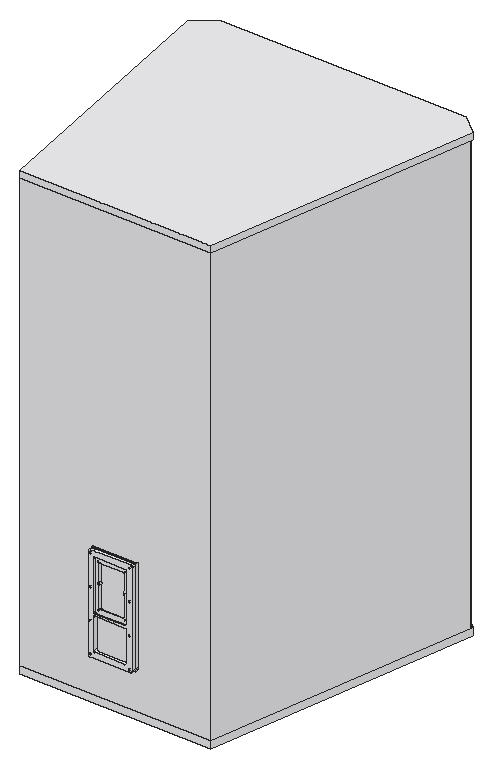
Revit family "EVC-1152-64", category Communication Devices, Revit 2017 (continued)
Definition of nested family "InputPanel_small"
  Lines and regions (mm)
    model lines, not visible
      curve 484: line (54.504, -9.5, 76.743) -> (56.298, -9.5, 74.554)
      curve 485: line (56.298, -9.5, 74.554) -> (55.807, -9.5, 74.222)
      curve 486: line (54.503, -9.5, 83.049) -> (56.297, -9.5, 80.86)
      curve 487: line (56.297, -9.5, 80.86) -> (55.806, -9.5, 80.528)
      curve 488: line (54.531, -9.5, 76.998) -> (56.131, -9.5, 75.046)
      curve 489: line (56.131, -9.5, 75.046) -> (56.7, -9.5, 75.046)
      curve 490: line (56.7, -9.5, 75.046) -> (54.662, -9.5, 77.533)
      curve 491: line (54.531, -9.5, 83.304) -> (56.13, -9.5, 81.352)
      curve 492: line (56.13, -9.5, 81.352) -> (56.699, -9.5, 81.352)
      curve 493: line (56.699, -9.5, 81.352) -> (54.661, -9.5, 83.839)
      curve 494: line (54.505, -9.5, 70.437) -> (56.298, -9.5, 68.248)
      curve 495: line (56.298, -9.5, 68.248) -> (55.807, -9.5, 67.915)
      curve 496: line (54.506, -9.5, 64.13) -> (56.299, -9.5, 61.942)
      curve 497: line (56.299, -9.5, 61.942) -> (55.808, -9.5, 61.609)
      curve 498: line (54.533, -9.5, 64.385) -> (56.132, -9.5, 62.433)
      curve 499: line (56.132, -9.5, 62.433) -> (56.702, -9.5, 62.433)
      curve 500: line (56.702, -9.5, 62.433) -> (54.664, -9.5, 64.92)
      curve 501: line (54.532, -9.5, 70.691) -> (56.131, -9.5, 68.739)
      curve 502: line (56.131, -9.5, 68.739) -> (56.701, -9.5, 68.739)
      curve 503: line (56.701, -9.5, 68.739) -> (54.663, -9.5, 71.227)
      curve 504: line (51.568, -9.5, 63.815) -> (51.568, -9.5, 60.772)
      curve 505: line (51.568, -9.5, 60.772) -> (46.145, -9.5, 60.771)
      curve 506: line (46.145, -9.5, 60.771) -> (46.141, -9.5, 85.996)
      curve 507: line (46.141, -9.5, 85.996) -> (51.565, -9.5, 85.997)
      curve 508: line (51.565, -9.5, 85.997) -> (52.989, -9.5, 85.997)
      curve 509: line (52.989, -9.5, 85.997) -> (49.876, -9.5, 86.125)
      curve 510: line (49.876, -9.5, 86.125) -> (49.754, -9.5, 86.302)
      curve 511: line (52.992, -9.5, 60.772) -> (51.568, -9.5, 60.772)
      curve 512: line (45.361, -9.5, 79.392) -> (45.362, -9.5, 73.88)
      curve 513: line (45.362, -9.5, 73.88) -> (41.147, -9.5, 73.88)
      curve 514: line (41.147, -9.5, 73.88) -> (41.146, -9.5, 79.392)
      curve 515: line (41.146, -9.5, 79.392) -> (45.361, -9.5, 79.392)
      curve 516: line (41.146, -9.5, 79.988) -> (41.145, -9.5, 85.499)
      curve 517: line (41.145, -9.5, 85.499) -> (45.36, -9.5, 85.5)
      curve 518: line (45.36, -9.5, 85.5) -> (45.361, -9.5, 79.988)
      curve 519: line (45.361, -9.5, 79.988) -> (41.146, -9.5, 79.988)
      curve 520: line (45.819, -9.5, 60.771) -> (45.816, -9.5, 85.996)
      curve 521: line (45.816, -9.5, 85.996) -> (40.689, -9.5, 85.996)
      curve 522: line (40.689, -9.5, 85.996) -> (40.692, -9.5, 60.771)
      curve 523: line (40.692, -9.5, 60.771) -> (45.819, -9.5, 60.771)
      curve 524: line (45.819, -9.5, 60.771) -> (46.145, -9.5, 60.771)
      curve 525: line (45.363, -9.5, 66.78) -> (45.363, -9.5, 61.268)
      curve 526: line (45.363, -9.5, 61.268) -> (41.148, -9.5, 61.267)
      curve 527: line (41.148, -9.5, 61.267) -> (41.147, -9.5, 66.779)
      curve 528: line (41.147, -9.5, 66.779) -> (45.363, -9.5, 66.78)
      curve 529: line (41.147, -9.5, 67.375) -> (41.147, -9.5, 72.887)
      curve 530: line (41.147, -9.5, 72.887) -> (45.362, -9.5, 72.887)
      curve 531: line (45.362, -9.5, 72.887) -> (45.363, -9.5, 67.375)
      curve 532: line (45.363, -9.5, 67.375) -> (41.147, -9.5, 67.375)
      curve 533: line (45.816, -9.5, 85.996) -> (46.141, -9.5, 85.996)
      curve 534: line (46.141, -9.5, 85.996) -> (42.88, -9.5, 86.124)
      curve 535: line (42.88, -9.5, 86.124) -> (42.758, -9.5, 86.301)
      curve 536: line (42.758, -9.5, 86.301) -> (45.891, -9.5, 86.301)
      curve 537: line (45.891, -9.5, 86.301) -> (46.013, -9.5, 86.124)
      curve 538: line (45.361, -9.5, 78.225) -> (43.953, -9.5, 78.225)
      curve 539: line (43.953, -9.5, 78.225) -> (43.627, -9.5, 78.913)
      curve 540: line (43.627, -9.5, 78.913) -> (43.242, -9.5, 79.392)
      curve 541: line (45.363, -9.5, 65.613) -> (43.954, -9.5, 65.612)
      curve 542: line (43.954, -9.5, 65.612) -> (43.629, -9.5, 66.3)
      curve 543: line (43.629, -9.5, 66.3) -> (43.244, -9.5, 66.779)
      curve 544: line (45.362, -9.5, 68.542) -> (43.954, -9.5, 68.542)
      curve 545: line (43.954, -9.5, 68.542) -> (43.629, -9.5, 67.854)
      curve 546: line (43.629, -9.5, 67.854) -> (43.244, -9.5, 67.375)
      curve 547: line (45.361, -9.5, 81.155) -> (43.952, -9.5, 81.155)
      curve 548: line (43.952, -9.5, 81.155) -> (43.627, -9.5, 80.467)
      curve 549: line (43.627, -9.5, 80.467) -> (43.242, -9.5, 79.988)
      curve 550: line (45.362, -9.5, 71.919) -> (43.954, -9.5, 71.919)
      curve 551: line (43.954, -9.5, 71.919) -> (43.628, -9.5, 72.607)
      curve 552: line (43.628, -9.5, 72.607) -> (43.403, -9.5, 72.887)
      curve 553: line (45.361, -9.5, 84.532) -> (43.952, -9.5, 84.531)
      curve 554: line (43.952, -9.5, 84.531) -> (43.627, -9.5, 85.219)
      curve 555: line (43.627, -9.5, 85.219) -> (43.401, -9.5, 85.5)
      curve 556: line (45.362, -9.5, 74.849) -> (43.953, -9.5, 74.848)
      curve 557: line (43.953, -9.5, 74.848) -> (43.628, -9.5, 74.16)
      curve 558: line (43.403, -9.5, 73.88) -> (43.628, -9.5, 74.16)
      curve 559: line (43.628, -9.5, 74.16) -> (43.627, -9.5, 78.913)
      curve 560: line (45.363, -9.5, 62.236) -> (43.955, -9.5, 62.236)
      curve 561: line (43.955, -9.5, 62.236) -> (43.629, -9.5, 61.548)
      curve 562: line (43.629, -9.5, 61.548) -> (43.629, -9.5, 66.3)
      curve 563: line (43.404, -9.5, 61.267) -> (43.629, -9.5, 61.548)
      curve 564: line (43.954, -9.5, 68.542) -> (43.954, -9.5, 71.919)
      curve 565: line (43.952, -9.5, 81.155) -> (43.952, -9.5, 84.531)
      curve 566: line (43.954, -9.5, 65.612) -> (43.955, -9.5, 62.236)
      curve 567: line (43.953, -9.5, 78.225) -> (43.953, -9.5, 74.848)
      curve 568: line (45.891, -9.5, 86.301) -> (45.891, -9.5, 86.563)
      curve 569: line (45.891, -9.5, 86.563) -> (42.758, -9.5, 86.562)
      curve 570: line (42.758, -9.5, 86.562) -> (42.758, -9.5, 86.301)
      curve 571: line (45.891, -9.5, 86.563) -> (46.472, -9.5, 86.563)
      curve 572: line (46.472, -9.5, 86.563) -> (46.472, -9.5, 86.301)
      curve 573: line (46.472, -9.5, 86.301) -> (46.35, -9.5, 86.124)
      curve 574: line (42.244, -9.5, 79.988) -> (42.243, -9.5, 85.499)
      curve 575: line (42.246, -9.5, 67.375) -> (42.245, -9.5, 72.887)
      curve 576: line (42.246, -9.5, 61.267) -> (42.246, -9.5, 66.779)
      curve 577: line (42.245, -9.5, 73.88) -> (42.244, -9.5, 79.392)
      curve 578: line (43.629, -9.5, 67.854) -> (43.628, -9.5, 72.607)
      curve 579: line (43.627, -9.5, 80.467) -> (43.627, -9.5, 85.219)
      curve 580: line (52.887, -9.5, 86.302) -> (53.009, -9.5, 86.125)
      curve 581: line (52.887, -9.5, 86.563) -> (52.887, -9.5, 86.302)
      curve 582: line (52.887, -9.5, 86.302) -> (49.754, -9.5, 86.302)
      curve 583: line (49.754, -9.5, 86.302) -> (49.754, -9.5, 86.563)
      curve 584: line (49.754, -9.5, 86.563) -> (52.887, -9.5, 86.563)
      curve 585: line (52.887, -9.5, 86.563) -> (53.468, -9.5, 86.563)
      curve 586: line (53.468, -9.5, 86.563) -> (53.468, -9.5, 86.302)
      curve 587: line (53.468, -9.5, 86.302) -> (53.346, -9.5, 86.125)
      curve 588: line (78.97, -9.5, 60.972) -> (78.967, -9.5, 85.803)
      curve 589: line (78.912, -9.5, 85.748) -> (78.915, -9.5, 61.027)
      curve 590: line (77.958, -9.5, 86.812) -> (40.515, -9.5, 86.808)
      curve 591: line (40.57, -9.5, 86.753) -> (77.903, -9.5, 86.757)
      curve 592: line (39.506, -9.5, 85.799) -> (39.509, -9.5, 60.968)
      curve 593: line (39.509, -9.5, 60.97) -> (39.561, -9.5, 85.744)
      curve 594: line (40.518, -9.5, 59.959) -> (77.962, -9.5, 59.963)
      curve 595: line (77.907, -9.5, 60.018) -> (40.573, -9.5, 60.014)
      curve 596: line (61.368, -9.5, 70.233) -> (59.749, -9.5, 70.232)
      curve 597: line (59.749, -9.5, 70.232) -> (59.415, -9.5, 70.232)
      curve 598: line (61.369, -9.5, 63.926) -> (59.75, -9.5, 63.926)
      curve 599: line (59.75, -9.5, 63.926) -> (59.417, -9.5, 63.926)
      curve 600: line (61.367, -9.5, 76.539) -> (59.748, -9.5, 76.539)
      curve 601: line (59.748, -9.5, 76.539) -> (59.415, -9.5, 76.539)
      curve 602: line (61.367, -9.5, 82.845) -> (59.747, -9.5, 82.845)
      curve 603: line (59.747, -9.5, 82.845) -> (59.414, -9.5, 82.845)
      curve 604: line (57.109, -9.5, 76.538) -> (58.728, -9.5, 76.539)
      curve 605: line (58.728, -9.5, 76.539) -> (59.062, -9.5, 76.539)
      curve 606: line (57.108, -9.5, 82.845) -> (58.727, -9.5, 82.845)
      curve 607: line (58.727, -9.5, 82.845) -> (59.06, -9.5, 82.845)
      curve 608: line (57.109, -9.5, 70.232) -> (58.729, -9.5, 70.232)
      curve 609: line (58.729, -9.5, 70.232) -> (59.062, -9.5, 70.232)
      curve 610: line (57.11, -9.5, 63.926) -> (58.729, -9.5, 63.926)
      curve 611: line (58.729, -9.5, 63.926) -> (59.063, -9.5, 63.926)
    model lines
      curve 612: arc (-30.696, -4.337, 30.291) -> (-31.037, -4.337, 28.695) -> (-32.139, -4.337, 27.491) r 3.109
      curve 613: arc (-30.695, -4.337, 42.904) -> (-31.035, -4.337, 41.308) -> (-32.138, -4.337, 40.104) r 3.109
      curve 614: arc (-30.698, -4.337, 23.985) -> (-31.033, -4.337, 22.399) -> (-32.121, -4.337, 21.198) r 3.108
      curve 615: arc (-30.696, -4.337, 36.598) -> (-31.031, -4.337, 35.012) -> (-32.119, -4.337, 33.811) r 3.108
      curve 616: arc (-31.992, -4.337, 33.004) -> (-31.001, -4.337, 31.812) -> (-30.695, -4.337, 30.291) r 3.166
      curve 617: arc (-31.991, -4.337, 45.616) -> (-30.999, -4.337, 44.424) -> (-30.693, -4.337, 42.904) r 3.166
      curve 618: arc (-31.993, -4.337, 26.696) -> (-31.002, -4.337, 25.504) -> (-30.696, -4.337, 23.985) r 3.165
      curve 619: arc (-31.991, -4.337, 39.309) -> (-31.001, -4.337, 38.117) -> (-30.695, -4.337, 36.598) r 3.165
      curve 620: arc (-30.343, -4.337, 36.598) -> (-30.002, -4.337, 38.194) -> (-28.9, -4.337, 39.398) r 3.109
      curve 621: arc (-30.344, -4.337, 23.985) -> (-30.004, -4.337, 25.581) -> (-28.901, -4.337, 26.785) r 3.109
      curve 622: arc (-30.341, -4.337, 42.904) -> (-30.006, -4.337, 44.49) -> (-28.918, -4.337, 45.691) r 3.108
      curve 623: arc (-30.343, -4.337, 30.291) -> (-30.007, -4.337, 31.877) -> (-28.92, -4.337, 33.078) r 3.108
      curve 624: arc (-29.046, -4.337, 33.885) -> (-30.038, -4.337, 35.077) -> (-30.344, -4.337, 36.598) r 3.166
      curve 625: arc (-29.048, -4.337, 21.273) -> (-30.039, -4.337, 22.465) -> (-30.346, -4.337, 23.985) r 3.166
      curve 626: arc (-29.046, -4.337, 40.193) -> (-30.037, -4.337, 41.385) -> (-30.343, -4.337, 42.904) r 3.165
      curve 627: arc (-29.048, -4.337, 27.58) -> (-30.038, -4.337, 28.772) -> (-30.344, -4.337, 30.291) r 3.165
      curve 628: arc (-33.959, -4.337, 27.746) -> (-35.033, -4.337, 28.816) -> (-35.384, -4.337, 30.292) r 2.775
      curve 629: arc (-34.651, -4.337, 27.426) -> (-35.725, -4.337, 28.679) -> (-36.075, -4.337, 30.292) r 3.371
      curve 630: arc (-33.959, -4.337, 27.746) -> (-34.28, -4.337, 27.533) -> (-34.651, -4.337, 27.426) r 1.273
      curve 631: arc (-33.957, -4.337, 40.358) -> (-35.031, -4.337, 41.429) -> (-35.382, -4.337, 42.905) r 2.775
      curve 632: arc (-34.649, -4.337, 40.039) -> (-35.723, -4.337, 41.292) -> (-36.074, -4.337, 42.905) r 3.371
      curve 633: arc (-33.957, -4.337, 40.358) -> (-34.279, -4.337, 40.146) -> (-34.649, -4.337, 40.039) r 1.273
      curve 634: arc (-33.96, -4.337, 21.44) -> (-35.033, -4.337, 22.511) -> (-35.384, -4.337, 23.986) r 2.774
      curve 635: arc (-34.651, -4.337, 21.121) -> (-35.725, -4.337, 22.374) -> (-36.075, -4.337, 23.986) r 3.37
      curve 636: arc (-33.96, -4.337, 21.44) -> (-34.281, -4.337, 21.228) -> (-34.651, -4.337, 21.121) r 1.273
      curve 637: arc (-33.958, -4.337, 34.053) -> (-35.032, -4.337, 35.123) -> (-35.382, -4.337, 36.598) r 2.774
      curve 638: arc (-34.65, -4.337, 33.734) -> (-35.723, -4.337, 34.986) -> (-36.074, -4.337, 36.598) r 3.37
      curve 639: arc (-33.958, -4.337, 34.053) -> (-34.28, -4.337, 33.84) -> (-34.65, -4.337, 33.734) r 1.273
      curve 640: arc (-35.384, -4.337, 30.292) -> (-35.033, -4.337, 31.767) -> (-33.958, -4.337, 32.838) r 2.775
      curve 641: arc (-34.65, -4.337, 33.157) -> (-34.28, -4.337, 33.051) -> (-33.958, -4.337, 32.838) r 1.273
      curve 642: arc (-36.075, -4.337, 30.292) -> (-35.724, -4.337, 31.905) -> (-34.65, -4.337, 33.157) r 3.371
      curve 643: arc (-35.382, -4.337, 42.905) -> (-35.031, -4.337, 44.38) -> (-33.957, -4.337, 45.451) r 2.775
      curve 644: arc (-34.648, -4.337, 45.77) -> (-34.278, -4.337, 45.663) -> (-33.957, -4.337, 45.451) r 1.273
      curve 645: arc (-36.074, -4.337, 42.905) -> (-35.723, -4.337, 44.517) -> (-34.648, -4.337, 45.77) r 3.371
      curve 646: arc (-35.384, -4.337, 23.986) -> (-35.033, -4.337, 25.461) -> (-33.959, -4.337, 26.531) r 2.774
      curve 647: arc (-34.651, -4.337, 26.85) -> (-34.28, -4.337, 26.743) -> (-33.959, -4.337, 26.531) r 1.273
      curve 648: arc (-36.075, -4.337, 23.986) -> (-35.725, -4.337, 25.598) -> (-34.651, -4.337, 26.85) r 3.37
      curve 649: arc (-35.382, -4.337, 36.598) -> (-35.031, -4.337, 38.073) -> (-33.958, -4.337, 39.143) r 2.774
      curve 650: arc (-34.649, -4.337, 39.463) -> (-34.279, -4.337, 39.356) -> (-33.958, -4.337, 39.143) r 1.273
      curve 651: arc (-36.074, -4.337, 36.598) -> (-35.723, -4.337, 38.21) -> (-34.649, -4.337, 39.463) r 3.37
      curve 652: arc (-30.908, -4.337, 23.985) -> (-31.259, -4.337, 22.51) -> (-32.333, -4.337, 21.44) r 2.774
      curve 653: arc (-32.332, -4.337, 26.53) -> (-31.258, -4.337, 25.46) -> (-30.908, -4.337, 23.985) r 2.774
      curve 654: arc (-30.906, -4.337, 30.291) -> (-31.258, -4.337, 28.816) -> (-32.332, -4.337, 27.745) r 2.775
      curve 655: arc (-32.331, -4.337, 32.838) -> (-31.257, -4.337, 31.767) -> (-30.906, -4.337, 30.291) r 2.775
      curve 656: arc (-30.906, -4.337, 36.598) -> (-31.257, -4.337, 35.123) -> (-32.331, -4.337, 34.053) r 2.774
      curve 657: arc (-32.33, -4.337, 39.143) -> (-31.257, -4.337, 38.073) -> (-30.906, -4.337, 36.598) r 2.774
      curve 658: arc (-30.905, -4.337, 42.904) -> (-31.256, -4.337, 41.429) -> (-32.33, -4.337, 40.358) r 2.775
      curve 659: arc (-32.33, -4.337, 45.45) -> (-31.256, -4.337, 44.38) -> (-30.905, -4.337, 42.904) r 2.775
      curve 660: arc (-36.768, -4.337, 27.427) -> (-37.818, -4.337, 28.63) -> (-38.191, -4.337, 30.182) r 3.348
      curve 661: arc (-36.766, -4.337, 40.039) -> (-37.816, -4.337, 41.242) -> (-38.19, -4.337, 42.794) r 3.348
      curve 662: arc (-38.191, -4.337, 30.403) -> (-37.817, -4.337, 31.955) -> (-36.767, -4.337, 33.158) r 3.348
      curve 663: arc (-38.19, -4.337, 43.015) -> (-37.816, -4.337, 44.568) -> (-36.766, -4.337, 45.77) r 3.348
      curve 664: arc (-36.769, -4.337, 21.121) -> (-37.825, -4.337, 22.337) -> (-38.192, -4.337, 23.905) r 3.353
      curve 665: arc (-36.767, -4.337, 33.734) -> (-37.823, -4.337, 34.95) -> (-38.191, -4.337, 36.517) r 3.353
      curve 666: arc (-38.192, -4.337, 24.067) -> (-37.824, -4.337, 25.635) -> (-36.768, -4.337, 26.85) r 3.353
      curve 667: arc (-38.191, -4.337, 36.68) -> (-37.823, -4.337, 38.248) -> (-36.767, -4.337, 39.463) r 3.353
      curve 668: arc (-32.649, -4.337, 30.292) -> (-32.982, -4.337, 28.919) -> (-34.009, -4.337, 27.951) r 2.482
      curve 669: arc (-32.65, -4.337, 23.985) -> (-32.983, -4.337, 22.613) -> (-34.01, -4.337, 21.644) r 2.482
      curve 670: arc (-33.058, -4.337, 25.478) -> (-32.751, -4.337, 24.76) -> (-32.65, -4.337, 23.985) r 2.857
      curve 671: arc (-33.734, -4.337, 25.636) -> (-33.68, -4.337, 25.558) -> (-33.628, -4.337, 25.478) r 2.446
      curve 672: arc (-33.058, -4.337, 31.784) -> (-32.75, -4.337, 31.066) -> (-32.649, -4.337, 30.292) r 2.857
      curve 673: arc (-33.733, -4.337, 31.942) -> (-33.679, -4.337, 31.864) -> (-33.627, -4.337, 31.784) r 2.446
      curve 674: arc (-32.649, -4.337, 36.598) -> (-32.981, -4.337, 35.226) -> (-34.008, -4.337, 34.257) r 2.482
      curve 675: arc (-32.648, -4.337, 42.904) -> (-32.98, -4.337, 41.532) -> (-34.008, -4.337, 40.563) r 2.482
      curve 676: arc (-33.057, -4.337, 38.091) -> (-32.75, -4.337, 37.372) -> (-32.649, -4.337, 36.598) r 2.857
      curve 677: arc (-33.733, -4.337, 38.249) -> (-33.678, -4.337, 38.171) -> (-33.626, -4.337, 38.091) r 2.446
      curve 678: arc (-33.056, -4.337, 44.397) -> (-32.749, -4.337, 43.679) -> (-32.648, -4.337, 42.904) r 2.857
      curve 679: arc (-33.732, -4.337, 44.555) -> (-33.677, -4.337, 44.477) -> (-33.626, -4.337, 44.397) r 2.446
      curve 680: arc (-27.08, -4.337, 39.143) -> (-26.006, -4.337, 38.073) -> (-25.655, -4.337, 36.597) r 2.775
      curve 681: arc (-26.388, -4.337, 39.463) -> (-25.314, -4.337, 38.21) -> (-24.964, -4.337, 36.597) r 3.371
      curve 682: arc (-27.08, -4.337, 39.143) -> (-26.759, -4.337, 39.356) -> (-26.388, -4.337, 39.463) r 1.273
      curve 683: arc (-27.082, -4.337, 26.531) -> (-26.007, -4.337, 25.46) -> (-25.657, -4.337, 23.984) r 2.775
      curve 684: arc (-26.39, -4.337, 26.85) -> (-25.316, -4.337, 25.597) -> (-24.965, -4.337, 23.984) r 3.371
      curve 685: arc (-27.082, -4.337, 26.531) -> (-26.76, -4.337, 26.743) -> (-26.39, -4.337, 26.85) r 1.273
      curve 686: arc (-27.079, -4.337, 45.449) -> (-26.006, -4.337, 44.378) -> (-25.655, -4.337, 42.903) r 2.774
      curve 687: arc (-26.388, -4.337, 45.768) -> (-25.314, -4.337, 44.515) -> (-24.963, -4.337, 42.903) r 3.37
      curve 688: arc (-27.079, -4.337, 45.449) -> (-26.758, -4.337, 45.661) -> (-26.388, -4.337, 45.768) r 1.273
      curve 689: arc (-27.081, -4.337, 32.836) -> (-26.007, -4.337, 31.766) -> (-25.657, -4.337, 30.291) r 2.774
      curve 690: arc (-26.389, -4.337, 33.155) -> (-25.315, -4.337, 31.903) -> (-24.965, -4.337, 30.291) r 3.37
      curve 691: arc (-27.081, -4.337, 32.836) -> (-26.759, -4.337, 33.049) -> (-26.389, -4.337, 33.155) r 1.273
      curve 692: arc (-25.655, -4.337, 36.597) -> (-26.006, -4.337, 35.122) -> (-27.081, -4.337, 34.051) r 2.775
      curve 693: arc (-26.389, -4.337, 33.732) -> (-26.759, -4.337, 33.838) -> (-27.081, -4.337, 34.051) r 1.273
      curve 694: arc (-24.964, -4.337, 36.597) -> (-25.315, -4.337, 34.984) -> (-26.389, -4.337, 33.732) r 3.371
      curve 695: arc (-25.657, -4.337, 23.984) -> (-26.008, -4.337, 22.509) -> (-27.082, -4.337, 21.438) r 2.775
      curve 696: arc (-26.391, -4.337, 21.119) -> (-26.761, -4.337, 21.226) -> (-27.082, -4.337, 21.438) r 1.273
      curve 697: arc (-24.965, -4.337, 23.984) -> (-25.316, -4.337, 22.372) -> (-26.391, -4.337, 21.119) r 3.371
      curve 698: arc (-25.655, -4.337, 42.903) -> (-26.006, -4.337, 41.429) -> (-27.08, -4.337, 40.358) r 2.774
      curve 699: arc (-26.388, -4.337, 40.039) -> (-26.759, -4.337, 40.146) -> (-27.08, -4.337, 40.358) r 1.273
      curve 700: arc (-24.963, -4.337, 42.903) -> (-25.314, -4.337, 41.291) -> (-26.388, -4.337, 40.039) r 3.37
      curve 701: arc (-25.657, -4.337, 30.291) -> (-26.008, -4.337, 28.816) -> (-27.081, -4.337, 27.746) r 2.774
      curve 702: arc (-26.39, -4.337, 27.426) -> (-26.76, -4.337, 27.533) -> (-27.081, -4.337, 27.746) r 1.273
      curve 703: arc (-24.965, -4.337, 30.291) -> (-25.316, -4.337, 28.679) -> (-26.39, -4.337, 27.426) r 3.37
      curve 704: arc (-30.131, -4.337, 42.904) -> (-29.78, -4.337, 44.379) -> (-28.706, -4.337, 45.449) r 2.774
      curve 705: arc (-28.707, -4.337, 40.359) -> (-29.78, -4.337, 41.429) -> (-30.131, -4.337, 42.904) r 2.774
      curve 706: arc (-30.133, -4.337, 36.598) -> (-29.781, -4.337, 38.073) -> (-28.707, -4.337, 39.144) r 2.775
      curve 707: arc (-28.708, -4.337, 34.051) -> (-29.782, -4.337, 35.122) -> (-30.133, -4.337, 36.598) r 2.775
      curve 708: arc (-30.133, -4.337, 30.291) -> (-29.782, -4.337, 31.766) -> (-28.708, -4.337, 32.836) r 2.774
      curve 709: arc (-28.708, -4.337, 27.746) -> (-29.782, -4.337, 28.816) -> (-30.133, -4.337, 30.291) r 2.774
      curve 710: arc (-30.134, -4.337, 23.985) -> (-29.783, -4.337, 25.46) -> (-28.709, -4.337, 26.531) r 2.775
      curve 711: arc (-28.709, -4.337, 21.439) -> (-29.783, -4.337, 22.509) -> (-30.134, -4.337, 23.985) r 2.775
      curve 712: arc (-24.271, -4.337, 39.462) -> (-23.221, -4.337, 38.26) -> (-22.848, -4.337, 36.707) r 3.348
      curve 713: arc (-24.272, -4.337, 26.85) -> (-23.223, -4.337, 25.647) -> (-22.849, -4.337, 24.095) r 3.348
      curve 714: arc (-22.848, -4.337, 36.486) -> (-23.222, -4.337, 34.934) -> (-24.272, -4.337, 33.731) r 3.348
      curve 715: arc (-22.849, -4.337, 23.874) -> (-23.223, -4.337, 22.321) -> (-24.273, -4.337, 21.119) r 3.348
      curve 716: arc (-24.27, -4.337, 45.768) -> (-23.214, -4.337, 44.552) -> (-22.847, -4.337, 42.984) r 3.353
      curve 717: arc (-24.272, -4.337, 33.155) -> (-23.216, -4.337, 31.939) -> (-22.848, -4.337, 30.372) r 3.353
      curve 718: arc (-22.847, -4.337, 42.822) -> (-23.215, -4.337, 41.254) -> (-24.271, -4.337, 40.039) r 3.353
      curve 719: arc (-22.848, -4.337, 30.209) -> (-23.216, -4.337, 28.641) -> (-24.272, -4.337, 27.426) r 3.353
      curve 720: arc (-28.389, -4.337, 42.904) -> (-28.056, -4.337, 44.276) -> (-27.029, -4.337, 45.245) r 2.482
      curve 721: arc (-28.39, -4.337, 36.597) -> (-28.057, -4.337, 37.97) -> (-27.03, -4.337, 38.938) r 2.482
      curve 722: arc (-27.981, -4.337, 35.105) -> (-28.288, -4.337, 35.823) -> (-28.39, -4.337, 36.597) r 2.857
      curve 723: arc (-27.306, -4.337, 34.947) -> (-27.36, -4.337, 35.025) -> (-27.412, -4.337, 35.105) r 2.446
      curve 724: arc (-27.981, -4.337, 41.411) -> (-28.288, -4.337, 42.129) -> (-28.389, -4.337, 42.904) r 2.857
      curve 725: arc (-27.305, -4.337, 41.253) -> (-27.359, -4.337, 41.331) -> (-27.411, -4.337, 41.411) r 2.446
      curve 726: arc (-28.39, -4.337, 30.291) -> (-28.058, -4.337, 31.663) -> (-27.031, -4.337, 32.632) r 2.482
      curve 727: arc (-28.391, -4.337, 23.985) -> (-28.058, -4.337, 25.357) -> (-27.031, -4.337, 26.326) r 2.482
      curve 728: arc (-27.983, -4.337, 22.492) -> (-28.29, -4.337, 23.21) -> (-28.391, -4.337, 23.985) r 2.857
      curve 729: arc (-27.307, -4.337, 22.334) -> (-27.362, -4.337, 22.412) -> (-27.413, -4.337, 22.492) r 2.446
      curve 730: arc (-27.982, -4.337, 28.799) -> (-28.289, -4.337, 29.517) -> (-28.39, -4.337, 30.291) r 2.857
      curve 731: arc (-27.306, -4.337, 28.64) -> (-27.361, -4.337, 28.718) -> (-27.412, -4.337, 28.798) r 2.446
      curve 732: spline (-49.243, -4.337, 20.022) -> (-49.374, -4.337, 20.031) -> (-49.504, -4.337, 20.057) -> (-49.629, -4.337, 20.099) -> (-49.747, -4.337, 20.158) -> (-49.857, -4.337, 20.231) -> (-49.956, -4.337, 20.318) -> (-50.043, -4.337, 20.417) -> (-50.116, -4.337, 20.527) -> (-50.175, -4.337, 20.645) -> (-50.217, -4.337, 20.77) -> (-50.243, -4.337, 20.9) -> (-50.251, -4.337, 21.031)
      curve 733: spline (-50.248, -4.337, 45.862) -> (-50.24, -4.337, 45.994) -> (-50.214, -4.337, 46.124) -> (-50.172, -4.337, 46.249) -> (-50.113, -4.337, 46.367) -> (-50.04, -4.337, 46.477) -> (-49.953, -4.337, 46.576) -> (-49.854, -4.337, 46.663) -> (-49.744, -4.337, 46.736) -> (-49.626, -4.337, 46.794) -> (-49.501, -4.337, 46.837) -> (-49.371, -4.337, 46.863) -> (-49.239, -4.337, 46.871)
      curve 734: spline (-11.796, -4.337, 46.867) -> (-11.664, -4.337, 46.858) -> (-11.535, -4.337, 46.832) -> (-11.41, -4.337, 46.79) -> (-11.291, -4.337, 46.731) -> (-11.182, -4.337, 46.658) -> (-11.082, -4.337, 46.571) -> (-10.995, -4.337, 46.472) -> (-10.922, -4.337, 46.362) -> (-10.864, -4.337, 46.244) -> (-10.821, -4.337, 46.119) -> (-10.796, -4.337, 45.989) -> (-10.787, -4.337, 45.858)
      curve 735: spline (-10.79, -4.337, 21.029) -> (-10.798, -4.337, 20.897) -> (-10.824, -4.337, 20.767) -> (-10.866, -4.337, 20.642) -> (-10.925, -4.337, 20.523) -> (-10.998, -4.337, 20.413) -> (-11.085, -4.337, 20.314) -> (-11.184, -4.337, 20.227) -> (-11.294, -4.337, 20.153) -> (-11.412, -4.337, 20.095) -> (-11.538, -4.337, 20.052) -> (-11.667, -4.337, 20.026) -> (-11.799, -4.337, 20.018)
      curve 736: spline (-11.851, -4.337, 46.812) -> (-11.719, -4.337, 46.803) -> (-11.59, -4.337, 46.777) -> (-11.465, -4.337, 46.735) -> (-11.346, -4.337, 46.676) -> (-11.237, -4.337, 46.603) -> (-11.137, -4.337, 46.516) -> (-11.05, -4.337, 46.417) -> (-10.977, -4.337, 46.307) -> (-10.919, -4.337, 46.189) -> (-10.876, -4.337, 46.064) -> (-10.851, -4.337, 45.934) -> (-10.842, -4.337, 45.803)
      curve 737: spline (-10.845, -4.337, 21.082) -> (-10.854, -4.337, 20.95) -> (-10.879, -4.337, 20.82) -> (-10.922, -4.337, 20.696) -> (-10.98, -4.337, 20.577) -> (-11.054, -4.337, 20.467) -> (-11.141, -4.337, 20.368) -> (-11.24, -4.337, 20.281) -> (-11.35, -4.337, 20.208) -> (-11.468, -4.337, 20.15) -> (-11.593, -4.337, 20.107) -> (-11.722, -4.337, 20.081) -> (-11.854, -4.337, 20.073)
      curve 738: spline (-50.193, -4.337, 45.807) -> (-50.185, -4.337, 45.939) -> (-50.159, -4.337, 46.069) -> (-50.117, -4.337, 46.194) -> (-50.058, -4.337, 46.312) -> (-49.985, -4.337, 46.422) -> (-49.898, -4.337, 46.521) -> (-49.799, -4.337, 46.608) -> (-49.689, -4.337, 46.681) -> (-49.571, -4.337, 46.739) -> (-49.446, -4.337, 46.782) -> (-49.316, -4.337, 46.808) -> (-49.184, -4.337, 46.816)
      curve 739: spline (-49.188, -4.337, 20.077) -> (-49.319, -4.337, 20.086) -> (-49.449, -4.337, 20.112) -> (-49.574, -4.337, 20.154) -> (-49.692, -4.337, 20.213) -> (-49.802, -4.337, 20.286) -> (-49.901, -4.337, 20.373) -> (-49.988, -4.337, 20.472) -> (-50.061, -4.337, 20.582) -> (-50.12, -4.337, 20.7) -> (-50.162, -4.337, 20.825) -> (-50.188, -4.337, 20.955) -> (-50.196, -4.337, 21.086)
      curve 740: line (-35.26, -4.337, 30.292) -> (-35.099, -4.337, 31.28)
      curve 741: line (-35.099, -4.337, 31.28) -> (-34.641, -4.337, 32.118)
      curve 742: line (-34.641, -4.337, 32.118) -> (-33.954, -4.337, 32.677)
      curve 743: line (-33.954, -4.337, 32.677) -> (-33.145, -4.337, 32.874)
      curve 744: line (-33.145, -4.337, 32.874) -> (-32.335, -4.337, 32.677)
      curve 745: line (-32.335, -4.337, 32.677) -> (-31.649, -4.337, 32.117)
      curve 746: line (-31.649, -4.337, 32.117) -> (-31.191, -4.337, 31.28)
      curve 747: line (-31.191, -4.337, 31.28) -> (-31.03, -4.337, 30.291)
      curve 748: line (-31.03, -4.337, 30.291) -> (-31.191, -4.337, 29.303)
      curve 749: line (-31.191, -4.337, 29.303) -> (-31.65, -4.337, 28.466)
      curve 750: line (-31.65, -4.337, 28.466) -> (-32.336, -4.337, 27.906)
      curve 751: line (-32.336, -4.337, 27.906) -> (-33.145, -4.337, 27.71)
      curve 752: line (-33.145, -4.337, 27.71) -> (-33.955, -4.337, 27.906)
      curve 753: line (-33.955, -4.337, 27.906) -> (-34.641, -4.337, 28.466)
      curve 754: line (-34.641, -4.337, 28.466) -> (-35.096, -4.337, 29.297)
      curve 755: line (-35.099, -4.337, 29.304) -> (-35.384, -4.337, 30.292)
      curve 756: line (-35.384, -4.337, 30.292) -> (-36.075, -4.337, 30.292)
      curve 757: line (-36.075, -4.337, 30.292) -> (-38.193, -4.337, 30.292)
      curve 758: line (-38.193, -4.337, 30.292) -> (-38.192, -4.337, 24.067)
      curve 759: line (-35.259, -4.337, 42.905) -> (-35.098, -4.337, 43.893)
      curve 760: line (-35.098, -4.337, 43.893) -> (-34.639, -4.337, 44.73)
      curve 761: line (-34.639, -4.337, 44.73) -> (-33.953, -4.337, 45.29)
      curve 762: line (-33.953, -4.337, 45.29) -> (-33.143, -4.337, 45.486)
      curve 763: line (-33.143, -4.337, 45.486) -> (-32.334, -4.337, 45.29)
      curve 764: line (-32.334, -4.337, 45.29) -> (-31.648, -4.337, 44.73)
      curve 765: line (-31.648, -4.337, 44.73) -> (-31.189, -4.337, 43.892)
      curve 766: line (-31.189, -4.337, 43.892) -> (-31.028, -4.337, 42.904)
      curve 767: line (-31.028, -4.337, 42.904) -> (-31.19, -4.337, 41.916)
      curve 768: line (-31.19, -4.337, 41.916) -> (-31.648, -4.337, 41.078)
      curve 769: line (-31.648, -4.337, 41.078) -> (-32.334, -4.337, 40.519)
      curve 770: line (-32.334, -4.337, 40.519) -> (-33.144, -4.337, 40.322)
      curve 771: line (-33.144, -4.337, 40.322) -> (-33.953, -4.337, 40.519)
      curve 772: line (-33.953, -4.337, 40.519) -> (-34.639, -4.337, 41.079)
      curve 773: line (-34.639, -4.337, 41.079) -> (-35.094, -4.337, 41.91)
      curve 774: line (-35.098, -4.337, 41.916) -> (-35.382, -4.337, 42.905)
      curve 775: line (-35.382, -4.337, 42.905) -> (-36.074, -4.337, 42.905)
      curve 776: line (-36.074, -4.337, 42.905) -> (-38.191, -4.337, 42.905)
      curve 777: line (-38.191, -4.337, 42.905) -> (-38.191, -4.337, 36.68)
      curve 778: line (-35.261, -4.337, 23.986) -> (-35.1, -4.337, 24.974)
      curve 779: line (-35.1, -4.337, 24.974) -> (-34.641, -4.337, 25.811)
      curve 780: line (-34.641, -4.337, 25.811) -> (-33.955, -4.337, 26.371)
      curve 781: line (-33.955, -4.337, 26.371) -> (-33.146, -4.337, 26.567)
      curve 782: line (-33.146, -4.337, 26.567) -> (-32.336, -4.337, 26.371)
      curve 783: line (-32.336, -4.337, 26.371) -> (-31.65, -4.337, 25.811)
      curve 784: line (-31.65, -4.337, 25.811) -> (-31.192, -4.337, 24.973)
      curve 785: line (-31.192, -4.337, 24.973) -> (-31.031, -4.337, 23.985)
      curve 786: line (-31.031, -4.337, 23.985) -> (-31.192, -4.337, 22.997)
      curve 787: line (-31.192, -4.337, 22.997) -> (-31.65, -4.337, 22.159)
      curve 788: line (-31.65, -4.337, 22.159) -> (-32.337, -4.337, 21.6)
      curve 789: line (-32.337, -4.337, 21.6) -> (-33.146, -4.337, 21.403)
      curve 790: line (-33.146, -4.337, 21.403) -> (-33.956, -4.337, 21.6)
      curve 791: line (-33.956, -4.337, 21.6) -> (-34.642, -4.337, 22.16)
      curve 792: line (-34.642, -4.337, 22.16) -> (-35.096, -4.337, 22.991)
      curve 793: line (-35.1, -4.337, 22.997) -> (-35.384, -4.337, 23.986)
      curve 794: line (-35.384, -4.337, 23.986) -> (-36.075, -4.337, 23.986)
      curve 795: line (-36.075, -4.337, 23.986) -> (-38.193, -4.337, 23.986)
      curve 796: line (-38.193, -4.337, 23.986) -> (-38.192, -4.337, 20.833)
      curve 797: line (-38.192, -4.337, 20.833) -> (-36.769, -4.337, 20.833)
      curve 798: line (-36.769, -4.337, 20.833) -> (-39.881, -4.337, 20.705)
      curve 799: line (-39.881, -4.337, 20.705) -> (-40.003, -4.337, 20.528)
      curve 800: line (-40.003, -4.337, 20.528) -> (-36.871, -4.337, 20.528)
      curve 801: line (-36.871, -4.337, 20.528) -> (-36.749, -4.337, 20.705)
      curve 802: line (-35.259, -4.337, 36.598) -> (-35.098, -4.337, 37.586)
      curve 803: line (-35.098, -4.337, 37.586) -> (-34.64, -4.337, 38.424)
      curve 804: line (-34.64, -4.337, 38.424) -> (-33.953, -4.337, 38.984)
      curve 805: line (-33.953, -4.337, 38.984) -> (-33.144, -4.337, 39.18)
      curve 806: line (-33.144, -4.337, 39.18) -> (-32.335, -4.337, 38.983)
      curve 807: line (-32.335, -4.337, 38.983) -> (-31.648, -4.337, 38.424)
      curve 808: line (-31.648, -4.337, 38.424) -> (-31.19, -4.337, 37.586)
      curve 809: line (-31.19, -4.337, 37.586) -> (-31.029, -4.337, 36.598)
      curve 810: line (-31.029, -4.337, 36.598) -> (-31.19, -4.337, 35.61)
      curve 811: line (-31.19, -4.337, 35.61) -> (-31.649, -4.337, 34.772)
      curve 812: line (-31.649, -4.337, 34.772) -> (-32.335, -4.337, 34.212)
      curve 813: line (-32.335, -4.337, 34.212) -> (-33.145, -4.337, 34.016)
      curve 814: line (-33.145, -4.337, 34.016) -> (-33.954, -4.337, 34.213)
      curve 815: line (-33.954, -4.337, 34.213) -> (-34.64, -4.337, 34.772)
      curve 816: line (-34.64, -4.337, 34.772) -> (-35.095, -4.337, 35.603)
      curve 817: line (-35.099, -4.337, 35.61) -> (-35.382, -4.337, 36.598)
      curve 818: line (-35.382, -4.337, 36.598) -> (-36.074, -4.337, 36.598)
      curve 819: line (-36.074, -4.337, 36.598) -> (-38.191, -4.337, 36.599)
      curve 820: line (-38.191, -4.337, 36.599) -> (-38.191, -4.337, 30.403)
      curve 821: line (-32.33, -4.337, 46.057) -> (-32.118, -4.337, 46.057)
      curve 822: line (-32.118, -4.337, 46.057) -> (-32.118, -4.337, 45.714)
      curve 823: line (-32.197, -4.337, 45.576) -> (-32.33, -4.337, 45.45)
      curve 824: line (-32.33, -4.337, 45.45) -> (-32.33, -4.337, 46.057)
      curve 825: line (-32.33, -4.337, 46.057) -> (-33.957, -4.337, 46.058)
      curve 826: line (-33.957, -4.337, 46.058) -> (-33.957, -4.337, 45.451)
      curve 827: line (-33.958, -4.337, 39.143) -> (-33.957, -4.337, 40.358)
      curve 828: line (-33.958, -4.337, 32.838) -> (-33.958, -4.337, 34.053)
      curve 829: line (-33.959, -4.337, 26.531) -> (-33.959, -4.337, 27.746)
      curve 830: line (-32.333, -4.337, 20.832) -> (-32.121, -4.337, 20.832)
      curve 831: line (-32.121, -4.337, 20.832) -> (-32.121, -4.337, 21.198)
      curve 832: line (-32.2, -4.337, 21.314) -> (-32.333, -4.337, 21.44)
      curve 833: line (-32.333, -4.337, 21.44) -> (-32.333, -4.337, 20.832)
      curve 834: line (-32.333, -4.337, 20.832) -> (-33.96, -4.337, 20.832)
      curve 835: line (-33.96, -4.337, 20.832) -> (-33.96, -4.337, 21.44)
      curve 836: line (-32.12, -4.337, 26.794) -> (-32.123, -4.337, 27.472)
      curve 837: line (-32.199, -4.337, 27.619) -> (-32.332, -4.337, 27.745)
      curve 838: line (-32.332, -4.337, 27.745) -> (-32.332, -4.337, 26.53)
      curve 839: line (-32.332, -4.337, 26.53) -> (-32.199, -4.337, 26.657)
      curve 840: line (-32.331, -4.337, 32.838) -> (-32.331, -4.337, 34.053)
      curve 841: line (-32.331, -4.337, 34.053) -> (-32.198, -4.337, 33.927)
      curve 842: line (-32.119, -4.337, 33.811) -> (-32.119, -4.337, 33.102)
      curve 843: line (-32.198, -4.337, 32.964) -> (-32.331, -4.337, 32.838)
      curve 844: line (-32.119, -4.337, 39.407) -> (-32.122, -4.337, 40.085)
      curve 845: line (-32.197, -4.337, 40.232) -> (-32.33, -4.337, 40.358)
      curve 846: line (-32.33, -4.337, 40.358) -> (-32.33, -4.337, 39.143)
      curve 847: line (-32.33, -4.337, 39.143) -> (-32.197, -4.337, 39.269)
      curve 848: line (-36.767, -4.337, 33.734) -> (-34.65, -4.337, 33.734)
      curve 849: line (-34.65, -4.337, 33.734) -> (-34.65, -4.337, 33.157)
      curve 850: line (-34.65, -4.337, 33.157) -> (-36.767, -4.337, 33.158)
      curve 851: line (-36.767, -4.337, 33.158) -> (-36.767, -4.337, 33.734)
      curve 852: line (-36.768, -4.337, 27.427) -> (-36.768, -4.337, 26.85)
      curve 853: line (-36.768, -4.337, 26.85) -> (-34.651, -4.337, 26.85)
      curve 854: line (-34.651, -4.337, 26.85) -> (-34.651, -4.337, 27.426)
      curve 855: line (-34.651, -4.337, 27.426) -> (-36.768, -4.337, 27.427)
      curve 856: line (-36.766, -4.337, 40.039) -> (-36.767, -4.337, 39.463)
      curve 857: line (-36.767, -4.337, 39.463) -> (-34.649, -4.337, 39.463)
      curve 858: line (-34.649, -4.337, 39.463) -> (-34.649, -4.337, 40.039)
      curve 859: line (-34.649, -4.337, 40.039) -> (-36.766, -4.337, 40.039)
      curve 860: line (-34.651, -4.337, 20.832) -> (-36.769, -4.337, 20.833)
      curve 861: line (-36.769, -4.337, 20.833) -> (-36.769, -4.337, 21.121)
      curve 862: line (-36.769, -4.337, 21.121) -> (-34.651, -4.337, 21.121)
      curve 863: line (-34.651, -4.337, 21.121) -> (-34.651, -4.337, 20.832)
      curve 864: line (-34.651, -4.337, 20.832) -> (-33.96, -4.337, 20.832)
      curve 865: line (-33.957, -4.337, 46.058) -> (-34.648, -4.337, 46.058)
      curve 866: line (-34.648, -4.337, 46.058) -> (-34.648, -4.337, 45.77)
      curve 867: line (-34.648, -4.337, 45.77) -> (-36.766, -4.337, 45.77)
      curve 868: line (-36.766, -4.337, 45.77) -> (-36.766, -4.337, 46.058)
      curve 869: line (-36.766, -4.337, 46.058) -> (-34.648, -4.337, 46.058)
      curve 870: line (-35.254, -4.337, 23.781) -> (-33.461, -4.337, 25.97)
      curve 871: line (-33.461, -4.337, 25.97) -> (-33.952, -4.337, 26.302)
      curve 872: line (-35.254, -4.337, 30.087) -> (-33.46, -4.337, 32.276)
      curve 873: line (-33.46, -4.337, 32.276) -> (-33.951, -4.337, 32.608)
      curve 874: line (-35.227, -4.337, 23.526) -> (-33.628, -4.337, 25.478)
      curve 875: line (-33.628, -4.337, 25.478) -> (-33.058, -4.337, 25.478)
      curve 876: line (-33.058, -4.337, 25.478) -> (-35.096, -4.337, 22.991)
      curve 877: line (-35.227, -4.337, 29.832) -> (-33.627, -4.337, 31.784)
      curve 878: line (-33.627, -4.337, 31.784) -> (-33.058, -4.337, 31.784)
      curve 879: line (-33.058, -4.337, 31.784) -> (-35.096, -4.337, 29.297)
      curve 880: line (-35.226, -4.337, 36.139) -> (-33.626, -4.337, 38.091)
      curve 881: line (-33.626, -4.337, 38.091) -> (-33.057, -4.337, 38.091)
      curve 882: line (-33.057, -4.337, 38.091) -> (-35.095, -4.337, 35.603)
      curve 883: line (-35.253, -4.337, 36.393) -> (-33.459, -4.337, 38.582)
      curve 884: line (-33.459, -4.337, 38.582) -> (-33.95, -4.337, 38.915)
      curve 885: line (-35.252, -4.337, 42.7) -> (-33.459, -4.337, 44.888)
      curve 886: line (-33.459, -4.337, 44.888) -> (-33.95, -4.337, 45.221)
      curve 887: line (-35.225, -4.337, 42.445) -> (-33.626, -4.337, 44.397)
      curve 888: line (-33.626, -4.337, 44.397) -> (-33.056, -4.337, 44.397)
      curve 889: line (-33.056, -4.337, 44.397) -> (-35.094, -4.337, 41.91)
      curve 890: line (-38.19, -4.337, 43.015) -> (-38.189, -4.337, 46.058)
      curve 891: line (-38.189, -4.337, 46.058) -> (-43.613, -4.337, 46.059)
      curve 892: line (-43.613, -4.337, 46.059) -> (-43.616, -4.337, 20.834)
      curve 893: line (-43.616, -4.337, 20.834) -> (-38.192, -4.337, 20.833)
      curve 894: line (-36.766, -4.337, 46.058) -> (-38.189, -4.337, 46.058)
      curve 895: line (-43.613, -4.337, 46.059) -> (-43.939, -4.337, 46.059)
      curve 896: line (-43.939, -4.337, 46.059) -> (-43.942, -4.337, 20.834)
      curve 897: line (-43.942, -4.337, 20.834) -> (-43.616, -4.337, 20.834)
      curve 898: line (-43.616, -4.337, 20.834) -> (-43.745, -4.337, 20.706)
      curve 899: line (-43.745, -4.337, 20.706) -> (-43.867, -4.337, 20.529)
      curve 900: line (-44.397, -4.337, 27.438) -> (-44.396, -4.337, 32.95)
      curve 901: line (-44.396, -4.337, 32.95) -> (-48.611, -4.337, 32.95)
      curve 902: line (-48.611, -4.337, 32.95) -> (-48.612, -4.337, 27.438)
      curve 903: line (-48.612, -4.337, 27.438) -> (-44.397, -4.337, 27.438)
      curve 904: line (-48.612, -4.337, 26.842) -> (-48.613, -4.337, 21.331)
      curve 905: line (-48.613, -4.337, 21.331) -> (-44.397, -4.337, 21.33)
      curve 906: line (-44.397, -4.337, 21.33) -> (-44.397, -4.337, 26.842)
      curve 907: line (-44.397, -4.337, 26.842) -> (-48.612, -4.337, 26.842)
      curve 908: line (-43.942, -4.337, 20.834) -> (-49.068, -4.337, 20.834)
      curve 909: line (-49.068, -4.337, 20.834) -> (-49.065, -4.337, 46.059)
      curve 910: line (-49.065, -4.337, 46.059) -> (-43.939, -4.337, 46.059)
      curve 911: line (-44.395, -4.337, 40.05) -> (-44.395, -4.337, 45.562)
      curve 912: line (-44.395, -4.337, 45.562) -> (-48.61, -4.337, 45.563)
      curve 913: line (-48.61, -4.337, 45.563) -> (-48.61, -4.337, 40.051)
      curve 914: line (-48.61, -4.337, 40.051) -> (-44.395, -4.337, 40.05)
      curve 915: line (-48.611, -4.337, 39.455) -> (-48.611, -4.337, 33.943)
      curve 916: line (-48.611, -4.337, 33.943) -> (-44.396, -4.337, 33.943)
      curve 917: line (-44.396, -4.337, 33.943) -> (-44.395, -4.337, 39.455)
      curve 918: line (-44.395, -4.337, 39.455) -> (-48.611, -4.337, 39.455)
      curve 919: line (-44.395, -4.337, 41.217) -> (-45.804, -4.337, 41.218)
      curve 920: line (-45.804, -4.337, 41.218) -> (-46.129, -4.337, 40.53)
      curve 921: line (-46.129, -4.337, 40.53) -> (-46.514, -4.337, 40.051)
      curve 922: line (-44.397, -4.337, 28.605) -> (-45.805, -4.337, 28.605)
      curve 923: line (-45.805, -4.337, 28.605) -> (-46.131, -4.337, 27.917)
      curve 924: line (-46.131, -4.337, 27.917) -> (-46.516, -4.337, 27.438)
      curve 925: line (-44.395, -4.337, 38.288) -> (-45.804, -4.337, 38.288)
      curve 926: line (-45.804, -4.337, 38.288) -> (-46.129, -4.337, 38.976)
      curve 927: line (-46.129, -4.337, 38.976) -> (-46.514, -4.337, 39.455)
      curve 928: line (-44.397, -4.337, 25.675) -> (-45.805, -4.337, 25.675)
      curve 929: line (-45.805, -4.337, 25.675) -> (-46.131, -4.337, 26.363)
      curve 930: line (-46.131, -4.337, 26.363) -> (-46.516, -4.337, 26.842)
      curve 931: line (-44.397, -4.337, 22.298) -> (-45.806, -4.337, 22.299)
      curve 932: line (-45.806, -4.337, 22.299) -> (-46.131, -4.337, 21.611)
      curve 933: line (-46.131, -4.337, 21.611) -> (-46.357, -4.337, 21.33)
      curve 934: line (-44.396, -4.337, 34.911) -> (-45.804, -4.337, 34.911)
      curve 935: line (-45.804, -4.337, 34.911) -> (-46.13, -4.337, 34.223)
      curve 936: line (-46.13, -4.337, 34.223) -> (-46.355, -4.337, 33.943)
      curve 937: line (-44.396, -4.337, 31.981) -> (-45.805, -4.337, 31.982)
      curve 938: line (-45.805, -4.337, 31.982) -> (-46.13, -4.337, 32.67)
      curve 939: line (-46.355, -4.337, 32.95) -> (-46.13, -4.337, 32.67)
      curve 940: line (-46.13, -4.337, 32.67) -> (-46.131, -4.337, 27.917)
      curve 941: line (-44.395, -4.337, 44.594) -> (-45.803, -4.337, 44.594)
      curve 942: line (-45.803, -4.337, 44.594) -> (-46.128, -4.337, 45.282)
      curve 943: line (-46.128, -4.337, 45.282) -> (-46.129, -4.337, 40.53)
      curve 944: line (-46.354, -4.337, 45.563) -> (-46.128, -4.337, 45.282)
      curve 945: line (-45.805, -4.337, 25.675) -> (-45.806, -4.337, 22.299)
      curve 946: line (-45.804, -4.337, 38.288) -> (-45.804, -4.337, 34.911)
      curve 947: line (-45.805, -4.337, 28.605) -> (-45.805, -4.337, 31.982)
      curve 948: line (-45.804, -4.337, 41.218) -> (-45.803, -4.337, 44.594)
      curve 949: line (-43.867, -4.337, 20.267) -> (-47, -4.337, 20.268)
      curve 950: line (-47, -4.337, 20.268) -> (-47, -4.337, 20.529)
      curve 951: line (-47, -4.337, 20.529) -> (-43.867, -4.337, 20.529)
      curve 952: line (-43.867, -4.337, 20.529) -> (-43.867, -4.337, 20.267)
      curve 953: line (-43.867, -4.337, 20.267) -> (-43.286, -4.337, 20.267)
      curve 954: line (-43.286, -4.337, 20.267) -> (-43.286, -4.337, 20.529)
      curve 955: line (-43.286, -4.337, 20.529) -> (-43.408, -4.337, 20.833)
      curve 956: line (-43.745, -4.337, 20.706) -> (-46.878, -4.337, 20.706)
      curve 957: line (-46.878, -4.337, 20.706) -> (-47, -4.337, 20.529)
      curve 958: line (-47.514, -4.337, 26.842) -> (-47.514, -4.337, 21.331)
      curve 959: line (-47.512, -4.337, 39.455) -> (-47.513, -4.337, 33.943)
      curve 960: line (-47.513, -4.337, 32.95) -> (-47.514, -4.337, 27.438)
      curve 961: line (-47.512, -4.337, 45.563) -> (-47.512, -4.337, 40.051)
      curve 962: line (-46.131, -4.337, 26.363) -> (-46.131, -4.337, 21.611)
      curve 963: line (-46.129, -4.337, 38.976) -> (-46.13, -4.337, 34.223)
      curve 964: line (-36.871, -4.337, 20.528) -> (-36.871, -4.337, 20.267)
      curve 965: line (-36.871, -4.337, 20.267) -> (-36.29, -4.337, 20.267)
      curve 966: line (-36.29, -4.337, 20.267) -> (-36.29, -4.337, 20.528)
      curve 967: line (-36.29, -4.337, 20.528) -> (-36.412, -4.337, 20.705)
      curve 968: line (-36.871, -4.337, 20.267) -> (-40.004, -4.337, 20.267)
      curve 969: line (-40.004, -4.337, 20.267) -> (-40.003, -4.337, 20.528)
      curve 970: line (-25.779, -4.337, 36.597) -> (-25.94, -4.337, 35.609)
      curve 971: line (-25.94, -4.337, 35.609) -> (-26.398, -4.337, 34.771)
      curve 972: line (-26.398, -4.337, 34.771) -> (-27.085, -4.337, 34.212)
      curve 973: line (-27.085, -4.337, 34.212) -> (-27.894, -4.337, 34.015)
      curve 974: line (-27.894, -4.337, 34.015) -> (-28.704, -4.337, 34.212)
      curve 975: line (-28.704, -4.337, 34.212) -> (-29.39, -4.337, 34.772)
      curve 976: line (-29.39, -4.337, 34.772) -> (-29.848, -4.337, 35.609)
      curve 977: line (-29.848, -4.337, 35.609) -> (-30.009, -4.337, 36.598)
      curve 978: line (-30.009, -4.337, 36.598) -> (-29.848, -4.337, 37.586)
      curve 979: line (-29.848, -4.337, 37.586) -> (-29.389, -4.337, 38.423)
      curve 980: line (-29.389, -4.337, 38.423) -> (-28.703, -4.337, 38.983)
      curve 981: line (-28.703, -4.337, 38.983) -> (-27.894, -4.337, 39.179)
      curve 982: line (-27.894, -4.337, 39.179) -> (-27.084, -4.337, 38.983)
      curve 983: line (-27.084, -4.337, 38.983) -> (-26.398, -4.337, 38.423)
      curve 984: line (-26.398, -4.337, 38.423) -> (-25.943, -4.337, 37.592)
      curve 985: line (-25.94, -4.337, 37.585) -> (-25.655, -4.337, 36.597)
      curve 986: line (-25.655, -4.337, 36.597) -> (-24.964, -4.337, 36.597)
      curve 987: line (-24.964, -4.337, 36.597) -> (-22.846, -4.337, 36.597)
      curve 988: line (-22.846, -4.337, 36.597) -> (-22.847, -4.337, 42.822)
      curve 989: line (-25.78, -4.337, 23.984) -> (-25.941, -4.337, 22.996)
      curve 990: line (-25.941, -4.337, 22.996) -> (-26.4, -4.337, 22.159)
      curve 991: line (-26.4, -4.337, 22.159) -> (-27.086, -4.337, 21.599)
      curve 992: line (-27.086, -4.337, 21.599) -> (-27.896, -4.337, 21.403)
      curve 993: line (-27.896, -4.337, 21.403) -> (-28.705, -4.337, 21.599)
      curve 994: line (-28.705, -4.337, 21.599) -> (-29.391, -4.337, 22.159)
      curve 995: line (-29.391, -4.337, 22.159) -> (-29.85, -4.337, 22.997)
      curve 996: line (-29.85, -4.337, 22.997) -> (-30.011, -4.337, 23.985)
      curve 997: line (-30.011, -4.337, 23.985) -> (-29.849, -4.337, 24.973)
      curve 998: line (-29.849, -4.337, 24.973) -> (-29.391, -4.337, 25.811)
      curve 999: line (-29.391, -4.337, 25.811) -> (-28.705, -4.337, 26.37)
      curve 1000: line (-28.705, -4.337, 26.37) -> (-27.895, -4.337, 26.567)
      curve 1001: line (-27.895, -4.337, 26.567) -> (-27.086, -4.337, 26.37)
      curve 1002: line (-27.086, -4.337, 26.37) -> (-26.4, -4.337, 25.81)
      curve 1003: line (-26.4, -4.337, 25.81) -> (-25.945, -4.337, 24.979)
      curve 1004: line (-25.941, -4.337, 24.973) -> (-25.657, -4.337, 23.984)
      curve 1005: line (-25.657, -4.337, 23.984) -> (-24.965, -4.337, 23.984)
      curve 1006: line (-24.965, -4.337, 23.984) -> (-22.847, -4.337, 23.984)
      curve 1007: line (-22.847, -4.337, 23.984) -> (-22.848, -4.337, 30.209)
      curve 1008: line (-25.778, -4.337, 42.903) -> (-25.939, -4.337, 41.915)
      curve 1009: line (-25.939, -4.337, 41.915) -> (-26.398, -4.337, 41.078)
      curve 1010: line (-26.398, -4.337, 41.078) -> (-27.084, -4.337, 40.518)
      curve 1011: line (-27.084, -4.337, 40.518) -> (-27.893, -4.337, 40.322)
      curve 1012: line (-27.893, -4.337, 40.322) -> (-28.703, -4.337, 40.518)
      curve 1013: line (-28.703, -4.337, 40.518) -> (-29.389, -4.337, 41.078)
      curve 1014: line (-29.389, -4.337, 41.078) -> (-29.847, -4.337, 41.916)
      curve 1015: line (-29.847, -4.337, 41.916) -> (-30.008, -4.337, 42.904)
      curve 1016: line (-30.008, -4.337, 42.904) -> (-29.847, -4.337, 43.892)
      curve 1017: line (-29.847, -4.337, 43.892) -> (-29.388, -4.337, 44.73)
      curve 1018: line (-29.388, -4.337, 44.73) -> (-28.702, -4.337, 45.289)
      curve 1019: line (-28.702, -4.337, 45.289) -> (-27.893, -4.337, 45.486)
      curve 1020: line (-27.893, -4.337, 45.486) -> (-27.083, -4.337, 45.289)
      curve 1021: line (-27.083, -4.337, 45.289) -> (-26.397, -4.337, 44.729)
      curve 1022: line (-26.397, -4.337, 44.729) -> (-25.943, -4.337, 43.898)
      curve 1023: line (-25.939, -4.337, 43.892) -> (-25.655, -4.337, 42.903)
      curve 1024: line (-25.655, -4.337, 42.903) -> (-24.963, -4.337, 42.903)
      curve 1025: line (-24.963, -4.337, 42.903) -> (-22.846, -4.337, 42.903)
      curve 1026: line (-22.846, -4.337, 42.903) -> (-22.846, -4.337, 46.056)
      curve 1027: line (-25.779, -4.337, 30.291) -> (-25.941, -4.337, 29.303)
      curve 1028: line (-25.941, -4.337, 29.303) -> (-26.399, -4.337, 28.465)
      curve 1029: line (-26.399, -4.337, 28.465) -> (-27.085, -4.337, 27.905)
      curve 1030: line (-27.085, -4.337, 27.905) -> (-27.895, -4.337, 27.709)
      curve 1031: line (-27.895, -4.337, 27.709) -> (-28.704, -4.337, 27.906)
      curve 1032: line (-28.704, -4.337, 27.906) -> (-29.39, -4.337, 28.465)
      curve 1033: line (-29.39, -4.337, 28.465) -> (-29.849, -4.337, 29.303)
      curve 1034: line (-29.849, -4.337, 29.303) -> (-30.01, -4.337, 30.291)
      curve 1035: line (-30.01, -4.337, 30.291) -> (-29.849, -4.337, 31.279)
      curve 1036: line (-29.849, -4.337, 31.279) -> (-29.39, -4.337, 32.117)
      curve 1037: line (-29.39, -4.337, 32.117) -> (-28.704, -4.337, 32.677)
      curve 1038: line (-28.704, -4.337, 32.677) -> (-27.894, -4.337, 32.873)
      curve 1039: line (-27.894, -4.337, 32.873) -> (-27.085, -4.337, 32.676)
      curve 1040: line (-27.085, -4.337, 32.676) -> (-26.399, -4.337, 32.117)
      curve 1041: line (-26.399, -4.337, 32.117) -> (-25.944, -4.337, 31.286)
      curve 1042: line (-25.94, -4.337, 31.279) -> (-25.657, -4.337, 30.291)
      curve 1043: line (-25.657, -4.337, 30.291) -> (-24.965, -4.337, 30.291)
      curve 1044: line (-24.965, -4.337, 30.291) -> (-22.847, -4.337, 30.29)
      curve 1045: line (-22.847, -4.337, 30.29) -> (-22.848, -4.337, 36.486)
      curve 1046: line (-28.709, -4.337, 20.832) -> (-28.921, -4.337, 20.832)
      curve 1047: line (-28.921, -4.337, 20.832) -> (-28.921, -4.337, 21.175)
      curve 1048: line (-28.842, -4.337, 21.313) -> (-28.709, -4.337, 21.439)
      curve 1049: line (-28.709, -4.337, 21.439) -> (-28.709, -4.337, 20.832)
      curve 1050: line (-28.709, -4.337, 20.832) -> (-27.082, -4.337, 20.831)
      curve 1051: line (-27.082, -4.337, 20.831) -> (-27.082, -4.337, 21.438)
      curve 1052: line (-27.081, -4.337, 27.746) -> (-27.082, -4.337, 26.531)
      curve 1053: line (-27.081, -4.337, 34.051) -> (-27.081, -4.337, 32.836)
      curve 1054: line (-27.08, -4.337, 40.358) -> (-27.08, -4.337, 39.143)
      curve 1055: line (-28.706, -4.337, 46.057) -> (-28.918, -4.337, 46.057)
      curve 1056: line (-28.918, -4.337, 46.057) -> (-28.918, -4.337, 45.691)
      curve 1057: line (-28.839, -4.337, 45.575) -> (-28.706, -4.337, 45.449)
      curve 1058: line (-28.706, -4.337, 45.449) -> (-28.706, -4.337, 46.057)
      curve 1059: line (-28.706, -4.337, 46.057) -> (-27.079, -4.337, 46.057)
      curve 1060: line (-27.079, -4.337, 46.057) -> (-27.079, -4.337, 45.449)
      curve 1061: line (-28.919, -4.337, 40.095) -> (-28.915, -4.337, 39.417)
      curve 1062: line (-28.84, -4.337, 39.27) -> (-28.707, -4.337, 39.144)
      curve 1063: line (-28.707, -4.337, 39.144) -> (-28.707, -4.337, 40.359)
      curve 1064: line (-28.707, -4.337, 40.359) -> (-28.84, -4.337, 40.232)
      curve 1065: line (-28.708, -4.337, 34.051) -> (-28.708, -4.337, 32.836)
      curve 1066: line (-28.708, -4.337, 32.836) -> (-28.841, -4.337, 32.963)
      curve 1067: line (-28.92, -4.337, 33.078) -> (-28.919, -4.337, 33.787)
      curve 1068: line (-28.841, -4.337, 33.925) -> (-28.708, -4.337, 34.051)
      curve 1069: line (-28.92, -4.337, 27.482) -> (-28.917, -4.337, 26.804)
      curve 1070: line (-28.842, -4.337, 26.657) -> (-28.709, -4.337, 26.531)
      curve 1071: line (-28.709, -4.337, 26.531) -> (-28.708, -4.337, 27.746)
      curve 1072: line (-28.708, -4.337, 27.746) -> (-28.842, -4.337, 27.62)
      curve 1073: line (-24.272, -4.337, 33.155) -> (-26.389, -4.337, 33.155)
      curve 1074: line (-26.389, -4.337, 33.155) -> (-26.389, -4.337, 33.732)
      curve 1075: line (-26.389, -4.337, 33.732) -> (-24.272, -4.337, 33.731)
      curve 1076: line (-24.272, -4.337, 33.731) -> (-24.272, -4.337, 33.155)
      curve 1077: line (-24.271, -4.337, 39.462) -> (-24.271, -4.337, 40.039)
      curve 1078: line (-24.271, -4.337, 40.039) -> (-26.388, -4.337, 40.039)
      curve 1079: line (-26.388, -4.337, 40.039) -> (-26.388, -4.337, 39.463)
      curve 1080: line (-26.388, -4.337, 39.463) -> (-24.271, -4.337, 39.462)
      curve 1081: line (-24.272, -4.337, 26.85) -> (-24.272, -4.337, 27.426)
      curve 1082: line (-24.272, -4.337, 27.426) -> (-26.39, -4.337, 27.426)
      curve 1083: line (-26.39, -4.337, 27.426) -> (-26.39, -4.337, 26.85)
      curve 1084: line (-26.39, -4.337, 26.85) -> (-24.272, -4.337, 26.85)
      curve 1085: line (-26.388, -4.337, 46.057) -> (-24.27, -4.337, 46.056)
      curve 1086: line (-24.27, -4.337, 46.056) -> (-24.27, -4.337, 45.768)
      curve 1087: line (-24.27, -4.337, 45.768) -> (-26.388, -4.337, 45.768)
      curve 1088: line (-26.388, -4.337, 45.768) -> (-26.388, -4.337, 46.057)
      curve 1089: line (-26.388, -4.337, 46.057) -> (-27.079, -4.337, 46.057)
      curve 1090: line (-27.082, -4.337, 20.831) -> (-26.391, -4.337, 20.831)
      curve 1091: line (-26.391, -4.337, 20.831) -> (-26.391, -4.337, 21.119)
      curve 1092: line (-26.391, -4.337, 21.119) -> (-24.273, -4.337, 21.119)
      curve 1093: line (-24.273, -4.337, 21.119) -> (-24.273, -4.337, 20.831)
      curve 1094: line (-24.273, -4.337, 20.831) -> (-26.391, -4.337, 20.831)
      curve 1095: line (-25.785, -4.337, 36.802) -> (-27.579, -4.337, 34.613)
      curve 1096: line (-27.579, -4.337, 34.613) -> (-27.088, -4.337, 34.281)
      curve 1097: line (-25.785, -4.337, 43.108) -> (-27.578, -4.337, 40.92)
      curve 1098: line (-27.578, -4.337, 40.92) -> (-27.087, -4.337, 40.587)
      curve 1099: line (-25.812, -4.337, 37.057) -> (-27.412, -4.337, 35.105)
      curve 1100: line (-27.412, -4.337, 35.105) -> (-27.981, -4.337, 35.105)
      curve 1101: line (-27.981, -4.337, 35.105) -> (-25.943, -4.337, 37.592)
      curve 1102: line (-25.812, -4.337, 43.363) -> (-27.411, -4.337, 41.411)
      curve 1103: line (-27.411, -4.337, 41.411) -> (-27.981, -4.337, 41.411)
      curve 1104: line (-27.981, -4.337, 41.411) -> (-25.943, -4.337, 43.898)
      curve 1105: line (-25.786, -4.337, 30.496) -> (-27.579, -4.337, 28.307)
      curve 1106: line (-27.579, -4.337, 28.307) -> (-27.088, -4.337, 27.974)
      curve 1107: line (-25.787, -4.337, 24.189) -> (-27.58, -4.337, 22.001)
      curve 1108: line (-27.58, -4.337, 22.001) -> (-27.089, -4.337, 21.668)
      curve 1109: line (-25.814, -4.337, 24.444) -> (-27.413, -4.337, 22.492)
      curve 1110: line (-27.413, -4.337, 22.492) -> (-27.983, -4.337, 22.492)
      curve 1111: line (-27.983, -4.337, 22.492) -> (-25.945, -4.337, 24.979)
      curve 1112: line (-25.813, -4.337, 30.75) -> (-27.412, -4.337, 28.798)
